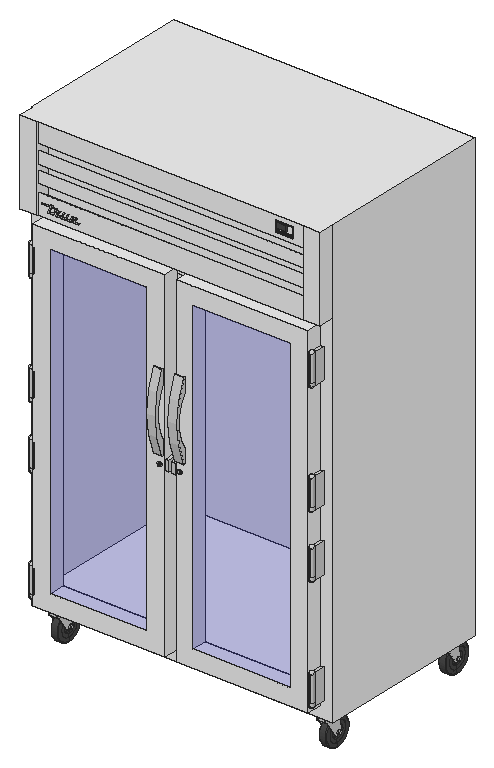
Revit family (continued)
Automatic sketch dimensions
  Extrusion 10 sketch curve to Extrusion 10 sketch curve = 4.4"
  Extrusion 10 sketch curve to Extrusion 10 sketch curve = 0"
  Blend 11 sketch curve to plane 12 = 1 1/64"  (x2)
  Blend 11 sketch curve to plane 12 = 17/64"
  plane 7 to Blend 11 sketch curve = 31.11669"
  Blend 11 sketch curve to Blend 11 sketch curve = 1 3/4"
  Blend 11 sketch curve to plane 12 = 0.08339"
  plane 7 to Blend 11 sketch curve = 30.5191"
  Blend 11 sketch curve to Blend 11 sketch curve = 2.78233"
  Blend 12 sketch curve to plane 8 = 15/16"
  Blend 12 sketch curve to plane 8 = 3/16"
  plane 7 to Blend 12 sketch curve = 32.86669"
  Blend 12 sketch curve to Blend 12 sketch curve = 1 3/4"
  plane 8 to Blend 12 sketch curve = 15/16"
  plane 8 to Blend 12 sketch curve = 0.00527"
  Blend 12 sketch curve to plane 7 = 30.5191"
  Blend 12 sketch curve to Blend 12 sketch curve = 2.78233"
  Extrusion 13 sketch curve to plane 5 "FRONT" = 1/2"
  Extrusion 13 sketch curve to Extrusion 13 sketch curve = 0.43503"
  Extrusion 13 sketch curve to Extrusion 13 sketch curve = 0.20453"
  Extrusion 13 sketch curve to Extrusion 13 sketch curve = 1.61044"
  Extrusion 13 sketch curve to plane 6 "TOP" = 24.88873"
  Extrusion 13 sketch curve to Extrusion 13 sketch curve = 0.71221"
  Extrusion 13 sketch curve to Extrusion 13 sketch curve = 4.39928"
  Revolve 14 sketch curve to plane 5 "FRONT" = 0.07771"  (x2)
  Revolve 14 sketch curve to Revolve 14 sketch curve = 0.38242"
  Revolve 14 sketch curve to Revolve 14 sketch curve = 0.38436"
  Revolve 14 sketch curve to plane 5 "FRONT" = 31/64"
  Revolve 14 sketch curve to Revolve 14 sketch curve = 0.40666"
  Revolve 14 sketch curve to Revolve 14 sketch curve = 0"
  Revolve 14 sketch curve to plane 6 "TOP" = 25.07719"
  Revolve 14 sketch curve to Revolve 14 sketch curve = 0.32931"
  Revolve 14 sketch curve to Revolve 14 sketch curve = 0.51246"
  Revolve 14 sketch curve to Revolve 14 sketch curve = 0.05342"
  Revolve 14 sketch curve to Revolve 14 sketch curve = 4.42889"
  Revolve 14 sketch curve to Revolve 14 sketch curve = 0.04281"
  Revolve 14 sketch curve to Revolve 14 sketch curve = 0.18929"
  Revolve 14 sketch curve to Revolve 14 sketch curve = 0.55526"
  Extrusion 15 sketch curve to plane 9 = 0.96009"
  Extrusion 15 sketch curve to Extrusion 15 sketch curve = 0.39759"
  Extrusion 15 sketch curve to plane 6 "TOP" = 24.12421"
  Extrusion 15 sketch curve to Extrusion 15 sketch curve = 4.47281"
  Extrusion 16 sketch curve to plane 5 "FRONT" = 1/2"
  Extrusion 16 sketch curve to Extrusion 16 sketch curve = 0.43503"
  Extrusion 16 sketch curve to Extrusion 16 sketch curve = 0.20453"
  Extrusion 16 sketch curve to Extrusion 16 sketch curve = 1.61044"
  plane 7 to Extrusion 16 sketch curve = 33.61127"
  Extrusion 16 sketch curve to Extrusion 16 sketch curve = 0.71221"
  Extrusion 16 sketch curve to Extrusion 16 sketch curve = 4.39928"
  Revolve 17 sketch curve to plane 5 "FRONT" = 0.07771"  (x2)
  Revolve 17 sketch curve to Revolve 17 sketch curve = 0.38242"
  Revolve 17 sketch curve to Revolve 17 sketch curve = 0.38436"
  Revolve 17 sketch curve to plane 5 "FRONT" = 31/64"
  Revolve 17 sketch curve to Revolve 17 sketch curve = 0.40666"
  Revolve 17 sketch curve to Revolve 17 sketch curve = 0"
  plane 7 to Revolve 17 sketch curve = 33.42281"
  Revolve 17 sketch curve to Revolve 17 sketch curve = 0.32931"
  Revolve 17 sketch curve to Revolve 17 sketch curve = 0.51246"
  Revolve 17 sketch curve to Revolve 17 sketch curve = 0.05342"
  Revolve 17 sketch curve to Revolve 17 sketch curve = 4.42889"
  Revolve 17 sketch curve to Revolve 17 sketch curve = 0.04281"
  Revolve 17 sketch curve to Revolve 17 sketch curve = 0.18929"
  Revolve 17 sketch curve to Revolve 17 sketch curve = 0.55526"
  Extrusion 18 sketch curve to plane 9 = 0.96009"
  Extrusion 18 sketch curve to Extrusion 18 sketch curve = 0.39759"
  plane 7 to Extrusion 18 sketch curve = 34.37579"
  Extrusion 18 sketch curve to Extrusion 18 sketch curve = 4.47281"
  Extrusion 19 sketch curve to plane 5 "FRONT" = 1/2"
  Extrusion 19 sketch curve to Extrusion 19 sketch curve = 0.43503"
  Extrusion 19 sketch curve to Extrusion 19 sketch curve = 0.20453"
  Extrusion 19 sketch curve to Extrusion 19 sketch curve = 1.61044"
  plane 7 to Extrusion 19 sketch curve = 22.61127"
  Extrusion 19 sketch curve to Extrusion 19 sketch curve = 0.71221"
  Extrusion 19 sketch curve to Extrusion 19 sketch curve = 4.39928"
  Revolve 20 sketch curve to plane 5 "FRONT" = 0.07771"  (x2)
  Revolve 20 sketch curve to Revolve 20 sketch curve = 0.38242"
  Revolve 20 sketch curve to Revolve 20 sketch curve = 0.38436"
  Revolve 20 sketch curve to plane 5 "FRONT" = 31/64"
  Revolve 20 sketch curve to Revolve 20 sketch curve = 0.40666"
  Revolve 20 sketch curve to Revolve 20 sketch curve = 0"
  plane 7 to Revolve 20 sketch curve = 22.42281"
  Revolve 20 sketch curve to Revolve 20 sketch curve = 0.32931"
  Revolve 20 sketch curve to Revolve 20 sketch curve = 0.51246"
  Revolve 20 sketch curve to Revolve 20 sketch curve = 0.05342"
  Revolve 20 sketch curve to Revolve 20 sketch curve = 4.42889"
  Revolve 20 sketch curve to Revolve 20 sketch curve = 0.04281"
  Revolve 20 sketch curve to Revolve 20 sketch curve = 0.18929"
  Revolve 20 sketch curve to Revolve 20 sketch curve = 0.55526"
  Extrusion 21 sketch curve to plane 9 = 0.96009"
  Extrusion 21 sketch curve to Extrusion 21 sketch curve = 0.39759"
  plane 7 to Extrusion 21 sketch curve = 23.37579"
  Extrusion 21 sketch curve to Extrusion 21 sketch curve = 4.47281"
  Extrusion 22 sketch curve to plane 5 "FRONT" = 1/2"
  Extrusion 22 sketch curve to Extrusion 22 sketch curve = 0.43503"
  Extrusion 22 sketch curve to Extrusion 22 sketch curve = 0.20453"
  Extrusion 22 sketch curve to Extrusion 22 sketch curve = 1.61044"
  plane 7 to Extrusion 22 sketch curve = 2.86127"
  Extrusion 22 sketch curve to Extrusion 22 sketch curve = 0.71221"
  Extrusion 22 sketch curve to Extrusion 22 sketch curve = 4.39928"
  Revolve 23 sketch curve to plane 5 "FRONT" = 0.07771"  (x2)
  Revolve 23 sketch curve to Revolve 23 sketch curve = 0.38242"
  Revolve 23 sketch curve to Revolve 23 sketch curve = 0.38436"
  Revolve 23 sketch curve to plane 5 "FRONT" = 31/64"
  Revolve 23 sketch curve to Revolve 23 sketch curve = 0.40666"
  Revolve 23 sketch curve to Revolve 23 sketch curve = 0"
  plane 7 to Revolve 23 sketch curve = 2.67281"
  Revolve 23 sketch curve to Revolve 23 sketch curve = 0.32931"
  Revolve 23 sketch curve to Revolve 23 sketch curve = 0.51246"
  Revolve 23 sketch curve to Revolve 23 sketch curve = 0.05342"
  Revolve 23 sketch curve to Revolve 23 sketch curve = 4.42889"
  Revolve 23 sketch curve to Revolve 23 sketch curve = 0.04281"
  Revolve 23 sketch curve to Revolve 23 sketch curve = 0.18929"
  Revolve 23 sketch curve to Revolve 23 sketch curve = 0.55526"
  Extrusion 24 sketch curve to plane 9 = 0.96009"
  Extrusion 24 sketch curve to Extrusion 24 sketch curve = 0.39759"
  plane 7 to Extrusion 24 sketch curve = 3.62579"
  Extrusion 24 sketch curve to Extrusion 24 sketch curve = 4.47281"
  Extrusion 25 sketch curve to plane 5 "FRONT" = 1/2"
  Extrusion 25 sketch curve to Extrusion 25 sketch curve = 0.43503"
  Extrusion 25 sketch curve to Extrusion 25 sketch curve = 0.20453"
  Extrusion 25 sketch curve to Extrusion 25 sketch curve = 1.61044"
  Extrusion 25 sketch curve to plane 6 "TOP" = 19.57271"
  Extrusion 25 sketch curve to Extrusion 25 sketch curve = 4.39928"
  Extrusion 25 sketch curve to Extrusion 25 sketch curve = 0.71221"
  Revolve 26 sketch curve to plane 5 "FRONT" = 0.07771"  (x2)
  Revolve 26 sketch curve to Revolve 26 sketch curve = 0.38242"
  Revolve 26 sketch curve to Revolve 26 sketch curve = 0.38436"
  Revolve 26 sketch curve to plane 5 "FRONT" = 31/64"
  Revolve 26 sketch curve to Revolve 26 sketch curve = 0.40666"
  Revolve 26 sketch curve to Revolve 26 sketch curve = 0"
  Revolve 26 sketch curve to plane 6 "TOP" = 18.75492"
  Revolve 26 sketch curve to Revolve 26 sketch curve = 0.55526"
  Revolve 26 sketch curve to Revolve 26 sketch curve = 0.19474"
  Revolve 26 sketch curve to Revolve 26 sketch curve = 0.14649"
  Revolve 26 sketch curve to Revolve 26 sketch curve = 4.42889"
  Revolve 26 sketch curve to Revolve 26 sketch curve = 0.05342"
  Revolve 26 sketch curve to Revolve 26 sketch curve = 0.51246"
  Revolve 26 sketch curve to Revolve 26 sketch curve = 0.05889"
  plane 10 to Extrusion 27 sketch curve = 0.80384"
  Extrusion 27 sketch curve to Extrusion 27 sketch curve = 0.39759"
  Extrusion 27 sketch curve to plane 6 "TOP" = 19.6514"
  Extrusion 27 sketch curve to Extrusion 27 sketch curve = 4.47281"
  Extrusion 28 sketch curve to plane 5 "FRONT" = 1/2"
  Extrusion 28 sketch curve to Extrusion 28 sketch curve = 0.43503"
  Extrusion 28 sketch curve to Extrusion 28 sketch curve = 0.20453"
  Extrusion 28 sketch curve to Extrusion 28 sketch curve = 1.61044"
  plane 7 to Extrusion 28 sketch curve = 38.92729"
  Extrusion 28 sketch curve to Extrusion 28 sketch curve = 4.39928"
  Extrusion 28 sketch curve to Extrusion 28 sketch curve = 0.71221"
  Revolve 29 sketch curve to plane 5 "FRONT" = 0.07771"  (x2)
  Revolve 29 sketch curve to Revolve 29 sketch curve = 0.38242"
  Revolve 29 sketch curve to Revolve 29 sketch curve = 0.38436"
  Revolve 29 sketch curve to plane 5 "FRONT" = 31/64"
  Revolve 29 sketch curve to Revolve 29 sketch curve = 0.40666"
  Revolve 29 sketch curve to Revolve 29 sketch curve = 0"
  Revolve 29 sketch curve to plane 6 "TOP" = 38.25492"
  Revolve 29 sketch curve to Revolve 29 sketch curve = 0.55526"
  Revolve 29 sketch curve to Revolve 29 sketch curve = 0.19474"
  Revolve 29 sketch curve to Revolve 29 sketch curve = 0.14649"
  Revolve 29 sketch curve to Revolve 29 sketch curve = 4.42889"
  Revolve 29 sketch curve to Revolve 29 sketch curve = 0.05342"
  Revolve 29 sketch curve to Revolve 29 sketch curve = 0.51246"
  Revolve 29 sketch curve to Revolve 29 sketch curve = 0.05889"
  plane 10 to Extrusion 30 sketch curve = 0.80384"
  Extrusion 30 sketch curve to Extrusion 30 sketch curve = 0.39759"
  plane 7 to Extrusion 30 sketch curve = 38.8486"
  Extrusion 30 sketch curve to Extrusion 30 sketch curve = 4.47281"
  Extrusion 31 sketch curve to plane 5 "FRONT" = 1/2"
  Extrusion 31 sketch curve to Extrusion 31 sketch curve = 0.43503"
  Extrusion 31 sketch curve to Extrusion 31 sketch curve = 0.20453"
  Extrusion 31 sketch curve to Extrusion 31 sketch curve = 1.61044"
  plane 7 to Extrusion 31 sketch curve = 27.92729"
  Extrusion 31 sketch curve to Extrusion 31 sketch curve = 4.39928"
  Extrusion 31 sketch curve to Extrusion 31 sketch curve = 0.71221"
  Revolve 32 sketch curve to plane 5 "FRONT" = 0.07771"  (x2)
  Revolve 32 sketch curve to Revolve 32 sketch curve = 0.38242"
  Revolve 32 sketch curve to Revolve 32 sketch curve = 0.38436"
  Revolve 32 sketch curve to plane 5 "FRONT" = 31/64"
  Revolve 32 sketch curve to Revolve 32 sketch curve = 0.40666"
  Revolve 32 sketch curve to Revolve 32 sketch curve = 0"
  plane 7 to Revolve 32 sketch curve = 28.74508"
  Revolve 32 sketch curve to Revolve 32 sketch curve = 0.55526"
  Revolve 32 sketch curve to Revolve 32 sketch curve = 0.19474"
  Revolve 32 sketch curve to Revolve 32 sketch curve = 0.14649"
  Revolve 32 sketch curve to Revolve 32 sketch curve = 4.42889"
  Revolve 32 sketch curve to Revolve 32 sketch curve = 0.05342"
  Revolve 32 sketch curve to Revolve 32 sketch curve = 0.51246"
  Revolve 32 sketch curve to Revolve 32 sketch curve = 0.05889"
  plane 10 to Extrusion 33 sketch curve = 0.80384"
  Extrusion 33 sketch curve to Extrusion 33 sketch curve = 0.39759"
  plane 7 to Extrusion 33 sketch curve = 27.8486"
  Extrusion 33 sketch curve to Extrusion 33 sketch curve = 4.47281"
  Extrusion 34 sketch curve to plane 5 "FRONT" = 1/2"
  Extrusion 34 sketch curve to Extrusion 34 sketch curve = 0.43503"
  Extrusion 34 sketch curve to Extrusion 34 sketch curve = 0.20453"
  Extrusion 34 sketch curve to Extrusion 34 sketch curve = 1.61044"
  plane 7 to Extrusion 34 sketch curve = 8.17729"
  plane 7 to Extrusion 34 sketch curve = 3.57348"
  Extrusion 34 sketch curve to Extrusion 34 sketch curve = 0.71221"
  Revolve 35 sketch curve to plane 5 "FRONT" = 0.07771"  (x2)
  Revolve 35 sketch curve to Revolve 35 sketch curve = 0.38242"
  Revolve 35 sketch curve to Revolve 35 sketch curve = 0.38436"
  Revolve 35 sketch curve to plane 5 "FRONT" = 31/64"
  Revolve 35 sketch curve to Revolve 35 sketch curve = 0.40666"
  Revolve 35 sketch curve to Revolve 35 sketch curve = 0"
  plane 7 to Revolve 35 sketch curve = 8.99508"
  Revolve 35 sketch curve to Revolve 35 sketch curve = 0.55526"
  Revolve 35 sketch curve to Revolve 35 sketch curve = 0.19474"
  Revolve 35 sketch curve to Revolve 35 sketch curve = 0.14649"
  plane 7 to Revolve 35 sketch curve = 3.62689"
  Revolve 35 sketch curve to Revolve 35 sketch curve = 0.05342"
  Revolve 35 sketch curve to Revolve 35 sketch curve = 0.51246"
  Revolve 35 sketch curve to Revolve 35 sketch curve = 0.05889"
  plane 10 to Extrusion 36 sketch curve = 0.80384"
  Extrusion 36 sketch curve to Extrusion 36 sketch curve = 0.39759"
  plane 7 to Extrusion 36 sketch curve = 8.0986"
  plane 7 to Extrusion 36 sketch curve = 3.62579"
  Revolve 37 sketch curve to plane 10 = 1.50773"
  Revolve 37 sketch curve to Revolve 37 sketch curve = 0.48273"
  Revolve 37 sketch curve to plane 10 = 5/8"  (x2)
  Revolve 37 sketch curve to Revolve 37 sketch curve = 0.1"  (x2)
  Revolve 37 sketch curve to Revolve 37 sketch curve = 0.16101"
  plane 10 to Revolve 37 sketch curve = 0.12908"
  plane 10 to Revolve 37 sketch curve = 0.46399"
  plane 10 to Revolve 37 sketch curve = 0.525"
  Revolve 37 sketch curve to Revolve 37 sketch curve = 1/2"
  Revolve 37 sketch curve to Revolve 37 sketch curve = 0.16509"
  Revolve 37 sketch curve to Revolve 37 sketch curve = 0.39592"
  level to Revolve 37 sketch curve = 2 1/2"
  Revolve 37 sketch curve to Revolve 37 sketch curve = 0"
  Revolve 37 sketch curve to Revolve 37 sketch curve = 0.29941"  (x2)
  Revolve 37 sketch curve to Revolve 37 sketch curve = 3/4"  (x4)
  Revolve 37 sketch curve to Revolve 37 sketch curve = 0.59652"
  Revolve 37 sketch curve to Revolve 37 sketch curve = 0.60059"
  Extrusion 38 sketch curve to plane 7 = 0.63926"  (x2)
  Extrusion 38 sketch curve to plane 5 "FRONT" = 3.79864"
  Extrusion 38 sketch curve to Extrusion 38 sketch curve = 1/4"  (x2)
  level to Extrusion 38 sketch curve = 2.18736"  (x2)
  Extrusion 38 sketch curve to Extrusion 38 sketch curve = 1.7492"
  Extrusion 38 sketch curve to Extrusion 38 sketch curve = 0.50669"  (x2)
  Extrusion 38 sketch curve to Extrusion 38 sketch curve = 2 1/2"
  level to Extrusion 38 sketch curve = 2.59003"
  Extrusion 38 sketch curve to Extrusion 38 sketch curve = 0.59966"  (x2)
  plane 1 "BACK" to Extrusion 38 sketch curve = 3.8577"
  plane 1 "BACK" to Extrusion 38 sketch curve = 1.8585"
  plane 1 "BACK" to Extrusion 38 sketch curve = 1.1077"
  Extrusion 38 sketch curve to Extrusion 38 sketch curve = 0.32905"
  Extrusion 38 sketch curve to Extrusion 38 sketch curve = 0.60485"  (x2)
  Extrusion 39 sketch curve to plane 7 = 0.63926"  (x2)
  Extrusion 39 sketch curve to plane 5 "FRONT" = 3.79864"
  Extrusion 39 sketch curve to Extrusion 39 sketch curve = 1/4"  (x2)
  level to Extrusion 39 sketch curve = 2.18736"  (x2)
  Extrusion 39 sketch curve to Extrusion 39 sketch curve = 1.7492"
  Extrusion 39 sketch curve to Extrusion 39 sketch curve = 0.50669"  (x2)
  Extrusion 39 sketch curve to Extrusion 39 sketch curve = 2 1/2"
  level to Extrusion 39 sketch curve = 2.59003"
  Extrusion 39 sketch curve to Extrusion 39 sketch curve = 0.59966"  (x2)
  plane 1 "BACK" to Extrusion 39 sketch curve = 3.8577"
  plane 1 "BACK" to Extrusion 39 sketch curve = 1.8585"
  plane 1 "BACK" to Extrusion 39 sketch curve = 1.1077"
  Extrusion 39 sketch curve to Extrusion 39 sketch curve = 0.32905"
  Extrusion 39 sketch curve to Extrusion 39 sketch curve = 0.60485"  (x2)
  Revolve 40 sketch curve to plane 10 = 0"  (x2)
  Revolve 40 sketch curve to plane 7 = 0.62954"
  Revolve 40 sketch curve to plane 10 = 1.29707"
  Revolve 40 sketch curve to Revolve 40 sketch curve = 0.10278"
  Revolve 40 sketch curve to plane 7 = 0.00141"
  plane 7 to Revolve 40 sketch curve = 0.26768"
  Revolve 41 sketch curve to level = 0"
  Revolve 41 sketch curve to plane 10 = 0"  (x2)
  Revolve 41 sketch curve to plane 10 = 1/2"
  Revolve 41 sketch curve to Revolve 41 sketch curve = 1/4"
  Revolve 41 sketch curve to plane 7 = 0"
  Revolve 41 sketch curve to Revolve 41 sketch curve = 1.33338"
  level to Revolve 41 sketch curve = 1"
  Revolve 41 sketch curve to Revolve 41 sketch curve = 5/8"
  plane 7 to Revolve 41 sketch curve = 1 25/32"
  Revolve 42 sketch curve to level = 0"
  Revolve 42 sketch curve to plane 10 = 0"  (x2)
  Revolve 42 sketch curve to plane 10 = 1/2"
  Revolve 42 sketch curve to Revolve 42 sketch curve = 1/4"
  Revolve 42 sketch curve to plane 7 = 0"
  Revolve 42 sketch curve to Revolve 42 sketch curve = 1.33338"
  level to Revolve 42 sketch curve = 1"
  Revolve 42 sketch curve to Revolve 42 sketch curve = 5/8"
  plane 7 to Revolve 42 sketch curve = 1 25/32"
  Revolve 43 sketch curve to plane 10 = 0"  (x2)
  Revolve 43 sketch curve to plane 7 = 0.62954"
  Revolve 43 sketch curve to plane 10 = 1.29707"
  Revolve 43 sketch curve to Revolve 43 sketch curve = 0.10278"
  Revolve 43 sketch curve to plane 7 = 0.00141"
  plane 7 to Revolve 43 sketch curve = 0.26768"
  Extrusion 44 sketch curve to plane 7 = 0.63926"  (x2)
  Extrusion 44 sketch curve to plane 5 "FRONT" = 3.79864"
  Extrusion 44 sketch curve to Extrusion 44 sketch curve = 1/4"  (x2)
  Extrusion 44 sketch curve to Extrusion 44 sketch curve = 2 1/2"
  Extrusion 44 sketch curve to plane 7 = 0.93273"  (x2)
  Extrusion 44 sketch curve to Extrusion 44 sketch curve = 0.03603"
  plane 1 "BACK" to Extrusion 44 sketch curve = 3.8577"
  Extrusion 44 sketch curve to plane 7 = 1.24411"
  plane 1 "BACK" to Extrusion 44 sketch curve = 1.1077"
  Revolve 45 sketch curve to plane 10 = 1.50773"
  Revolve 45 sketch curve to Revolve 45 sketch curve = 0.48273"
  Revolve 45 sketch curve to plane 10 = 5/8"  (x2)
  Revolve 45 sketch curve to Revolve 45 sketch curve = 0.1"  (x2)
  Revolve 45 sketch curve to Revolve 45 sketch curve = 0.16101"
  plane 10 to Revolve 45 sketch curve = 0.12908"
  plane 10 to Revolve 45 sketch curve = 0.46399"
  plane 10 to Revolve 45 sketch curve = 0.525"
  Revolve 45 sketch curve to Revolve 45 sketch curve = 1/2"
  Revolve 45 sketch curve to Revolve 45 sketch curve = 0.16509"
  Revolve 45 sketch curve to Revolve 45 sketch curve = 0.39592"
  level to Revolve 45 sketch curve = 2 1/2"
  Revolve 45 sketch curve to Revolve 45 sketch curve = 0"
  Revolve 45 sketch curve to Revolve 45 sketch curve = 0.29941"  (x2)
  Revolve 45 sketch curve to Revolve 45 sketch curve = 3/4"  (x4)
  Revolve 45 sketch curve to Revolve 45 sketch curve = 0.59652"
  Revolve 45 sketch curve to Revolve 45 sketch curve = 0.60059"
  plane 3 "LEFT" to Revolve 46 sketch curve = 1.33602"
  Revolve 46 sketch curve to Revolve 46 sketch curve = 0.48273"
  Revolve 46 sketch curve to plane 9 = 5/8"  (x2)
  Revolve 46 sketch curve to Revolve 46 sketch curve = 0.1"  (x2)
  Revolve 46 sketch curve to Revolve 46 sketch curve = 0.16101"
  plane 9 to Revolve 46 sketch curve = 0.12908"
  plane 9 to Revolve 46 sketch curve = 0.46399"
  plane 9 to Revolve 46 sketch curve = 0.525"
  Revolve 46 sketch curve to Revolve 46 sketch curve = 1/2"
  Revolve 46 sketch curve to Revolve 46 sketch curve = 0.16509"
  Revolve 46 sketch curve to Revolve 46 sketch curve = 0.39592"
  level to Revolve 46 sketch curve = 2 1/2"
  Revolve 46 sketch curve to Revolve 46 sketch curve = 0"
  Revolve 46 sketch curve to Revolve 46 sketch curve = 0.29941"  (x2)
  Revolve 46 sketch curve to Revolve 46 sketch curve = 3/4"  (x4)
  Revolve 46 sketch curve to Revolve 46 sketch curve = 0.59652"
  Revolve 46 sketch curve to Revolve 46 sketch curve = 0.60059"
  Extrusion 47 sketch curve to plane 7 = 0.63926"  (x2)
  Extrusion 47 sketch curve to plane 5 "FRONT" = 3.79864"
  Extrusion 47 sketch curve to Extrusion 47 sketch curve = 1/4"  (x2)
  level to Extrusion 47 sketch curve = 2.18736"  (x2)
  Extrusion 47 sketch curve to Extrusion 47 sketch curve = 1.7492"
  Extrusion 47 sketch curve to Extrusion 47 sketch curve = 0.50669"  (x2)
  Extrusion 47 sketch curve to Extrusion 47 sketch curve = 2 1/2"
  level to Extrusion 47 sketch curve = 2.59003"
  Extrusion 47 sketch curve to Extrusion 47 sketch curve = 0.59966"  (x2)
  plane 1 "BACK" to Extrusion 47 sketch curve = 3.8577"
  plane 1 "BACK" to Extrusion 47 sketch curve = 1.8585"
  plane 1 "BACK" to Extrusion 47 sketch curve = 1.1077"
  Extrusion 47 sketch curve to Extrusion 47 sketch curve = 0.32905"
  Extrusion 47 sketch curve to Extrusion 47 sketch curve = 0.60485"  (x2)
  Extrusion 48 sketch curve to plane 7 = 0.63926"  (x2)
  Extrusion 48 sketch curve to plane 5 "FRONT" = 3.79864"
  Extrusion 48 sketch curve to Extrusion 48 sketch curve = 1/4"  (x2)
  level to Extrusion 48 sketch curve = 2.18736"  (x2)
  Extrusion 48 sketch curve to Extrusion 48 sketch curve = 1.7492"
  Extrusion 48 sketch curve to Extrusion 48 sketch curve = 0.50669"  (x2)
  Extrusion 48 sketch curve to Extrusion 48 sketch curve = 2 1/2"
  level to Extrusion 48 sketch curve = 2.59003"
  Extrusion 48 sketch curve to Extrusion 48 sketch curve = 0.59966"  (x2)
  plane 1 "BACK" to Extrusion 48 sketch curve = 3.8577"
  plane 1 "BACK" to Extrusion 48 sketch curve = 1.8585"
  plane 1 "BACK" to Extrusion 48 sketch curve = 1.1077"
  Extrusion 48 sketch curve to Extrusion 48 sketch curve = 0.32905"
  Extrusion 48 sketch curve to Extrusion 48 sketch curve = 0.60485"  (x2)
  Revolve 49 sketch curve to plane 9 = 0"  (x2)
  Revolve 49 sketch curve to plane 7 = 0.62954"
  Revolve 49 sketch curve to plane 9 = 1.29707"
  Revolve 49 sketch curve to Revolve 49 sketch curve = 0.10278"
  Revolve 49 sketch curve to plane 7 = 0.00141"
  plane 7 to Revolve 49 sketch curve = 0.26768"
  Revolve 50 sketch curve to level = 0"
  Revolve 50 sketch curve to plane 9 = 0"  (x2)
  Revolve 50 sketch curve to plane 9 = 1/2"
  Revolve 50 sketch curve to Revolve 50 sketch curve = 1/4"
  Revolve 50 sketch curve to plane 7 = 0"
  Revolve 50 sketch curve to plane 9 = 1.33338"
  level to Revolve 50 sketch curve = 1"
  Revolve 50 sketch curve to Revolve 50 sketch curve = 5/8"
  plane 7 to Revolve 50 sketch curve = 1 25/32"
  Revolve 51 sketch curve to level = 0"
  Revolve 51 sketch curve to plane 9 = 0"  (x2)
  Revolve 51 sketch curve to plane 9 = 1/2"
  Revolve 51 sketch curve to Revolve 51 sketch curve = 1/4"
  Revolve 51 sketch curve to plane 7 = 0"
  Revolve 51 sketch curve to plane 9 = 1.33338"
  level to Revolve 51 sketch curve = 1"
  Revolve 51 sketch curve to Revolve 51 sketch curve = 5/8"
  plane 7 to Revolve 51 sketch curve = 1 25/32"
  Revolve 52 sketch curve to plane 9 = 0"  (x2)
  Revolve 52 sketch curve to plane 7 = 0.62954"
  Revolve 52 sketch curve to plane 9 = 1.29707"
  Revolve 52 sketch curve to Revolve 52 sketch curve = 0.10278"
  Revolve 52 sketch curve to plane 7 = 0.00141"
  plane 7 to Revolve 52 sketch curve = 0.26768"
  Extrusion 53 sketch curve to plane 7 = 0.63926"  (x2)
  Extrusion 53 sketch curve to plane 5 "FRONT" = 3.79864"
  Extrusion 53 sketch curve to Extrusion 53 sketch curve = 1/4"  (x2)
  Extrusion 53 sketch curve to Extrusion 53 sketch curve = 2 1/2"
  Extrusion 53 sketch curve to plane 7 = 0.93273"  (x2)
  Extrusion 53 sketch curve to Extrusion 53 sketch curve = 0.03603"
  plane 1 "BACK" to Extrusion 53 sketch curve = 3.8577"
  Extrusion 53 sketch curve to plane 7 = 1.24411"
  plane 1 "BACK" to Extrusion 53 sketch curve = 1.1077"
  plane 3 "LEFT" to Revolve 54 sketch curve = 1.33602"
  Revolve 54 sketch curve to Revolve 54 sketch curve = 0.48273"
  Revolve 54 sketch curve to plane 9 = 5/8"  (x2)
  Revolve 54 sketch curve to Revolve 54 sketch curve = 0.1"  (x2)
  Revolve 54 sketch curve to Revolve 54 sketch curve = 0.16101"
  plane 9 to Revolve 54 sketch curve = 0.12908"
  plane 9 to Revolve 54 sketch curve = 0.46399"
  plane 9 to Revolve 54 sketch curve = 0.525"
  Revolve 54 sketch curve to Revolve 54 sketch curve = 1/2"
  Revolve 54 sketch curve to Revolve 54 sketch curve = 0.16509"
  Revolve 54 sketch curve to Revolve 54 sketch curve = 0.39592"
  level to Revolve 54 sketch curve = 2 1/2"
  Revolve 54 sketch curve to Revolve 54 sketch curve = 0"
  Revolve 54 sketch curve to Revolve 54 sketch curve = 0.29941"  (x2)
  Revolve 54 sketch curve to Revolve 54 sketch curve = 3/4"  (x4)
  Revolve 54 sketch curve to Revolve 54 sketch curve = 0.59652"
  Revolve 54 sketch curve to Revolve 54 sketch curve = 0.60059"
  Extrusion 55 sketch curve to plane 6 "TOP" = 2.55982"
  Extrusion 55 sketch curve to plane 10 = 5.12093"
  Extrusion 55 sketch curve to plane 10 = 2.21468"
  Extrusion 55 sketch curve to plane 6 "TOP" = 13/16"
  Extrusion 56 sketch curve to plane 6 "TOP" = 3/4"
  Extrusion 56 sketch curve to plane 10 = 5.18343"
  Extrusion 56 sketch curve to Extrusion 56 sketch curve = 1/16"  (x4)
  Extrusion 56 sketch curve to Extrusion 56 sketch curve = 0.1375"  (x2)
  Extrusion 56 sketch curve to Extrusion 56 sketch curve = 1/4"  (x4)
  Extrusion 56 sketch curve to Extrusion 56 sketch curve = 0.44601"
  Extrusion 56 sketch curve to Extrusion 56 sketch curve = 1/2"  (x2)
  Extrusion 56 sketch curve to Extrusion 56 sketch curve = 0.0035"
  Extrusion 56 sketch curve to Extrusion 56 sketch curve = 1.06923"
  Extrusion 56 sketch curve to plane 6 "TOP" = 0.95"
  Extrusion 56 sketch curve to Extrusion 56 sketch curve = 1"
  Extrusion 56 sketch curve to Extrusion 56 sketch curve = 0.34106"  (x3)
  Extrusion 56 sketch curve to Extrusion 56 sketch curve = 0"
  Extrusion 56 sketch curve to Extrusion 56 sketch curve = 0.26876"
  Extrusion 58 sketch curve to plane 9 = 0"
  Extrusion 58 sketch curve to plane 5 "FRONT" = 5.09023"
  Extrusion 59 sketch curve to plane 9 = 0"
  plane 1 "BACK" to Extrusion 59 sketch curve = 2.69102"
  Extrusion 60 sketch curve to plane 10 = 0"
  plane 1 "BACK" to Extrusion 60 sketch curve = 2.69102"
  Extrusion 61 sketch curve to plane 10 = 0"
  Extrusion 61 sketch curve to plane 5 "FRONT" = 5.09023"
  plane 9 to Extrusion 62 sketch curve = 2 13/32"
  Extrusion 62 sketch curve to plane 12 = 3 31/32"
  Extrusion 62 sketch curve to plane 8 = 3 15/16"
  Extrusion 62 sketch curve to plane 10 = 2 9/16"
  plane 7 to Extrusion 62 sketch curve = 4 29/32"  (x2)
  Extrusion 62 sketch curve to plane 6 "TOP" = 19 5/32"
  Extrusion 62 sketch curve to Extrusion 62 sketch curve = 0"
  plane 5 "FRONT" to Extrusion 63 sketch curve = 0.2"  (x2)
  plane 5 "FRONT" to Extrusion 63 sketch curve = 0"  (x2)
  Extrusion 63 sketch curve to plane 5 "FRONT" = 7.77899"
  Extrusion 63 sketch curve to Extrusion 63 sketch curve = 7.30945"
  Extrusion 63 sketch curve to plane 6 "TOP" = 30.96833"
  Extrusion 63 sketch curve to Extrusion 63 sketch curve = 2.4"
  Extrusion 63 sketch curve to Extrusion 63 sketch curve = 4.4"
  Extrusion 63 sketch curve to Extrusion 63 sketch curve = 0"
  Extrusion 3 sketch curve to Extrusion 3 sketch curve = 2"
  Extrusion 3 sketch curve to Extrusion 3 sketch curve = 2 17/32"
  plane 11 to Extrusion 3 sketch curve = 2.7042"
  plane 7 to Extrusion 3 sketch curve = 3.86127"
  plane 5 "FRONT" to Extrusion 57 sketch curve = 0"  (x2)
  plane 10 to Extrusion 57 sketch curve = 7/16"
  Extrusion 57 sketch curve to plane 8 = 15/16"
  Extrusion 57 sketch curve to plane 12 = 1 1/64"
  Extrusion 57 sketch curve to plane 9 = 19/32"
  Extrusion 3 to Extrusion 64 sketch curve = 0"
  Extrusion 64 sketch curve to Extrusion 3 = 1"
  Extrusion 3 to Extrusion 64 sketch curve = 21 31/32"
  Extrusion 64 sketch curve to Extrusion 64 sketch curve = 4 1/32"
  Extrusion 6 sketch curve to plane 9 = 19/32"
  Extrusion 6 sketch curve to plane 8 = 3 15/16"
  radius of Extrusion 7 sketch curve = 0.35"  (x2)
  radius of Extrusion 9 sketch curve = 1/4"
  radius of Extrusion 58 sketch curve = 1 1/2"
  radius of Extrusion 59 sketch curve = 1 1/2"
  radius of Extrusion 60 sketch curve = 1 1/2"
  radius of Extrusion 61 sketch curve = 1 1/2"
Connectors (in)
  electrical at (49.53125, -0.0625, 82), driven by "Volts", driven by "Watts"
    settings: on Extrusion 9, index 1, voltage 208 V, apparent load 3000 VA, apparent load phase1 0 VA, apparent load phase2 0 VA, apparent load phase3 0 VA, power factor 1, load classification "Other", number of poles 1, system type 30, power factor state 1, is connector primary yes, connector utility no, sub classification motor no, connector description "Electrical Connection"
